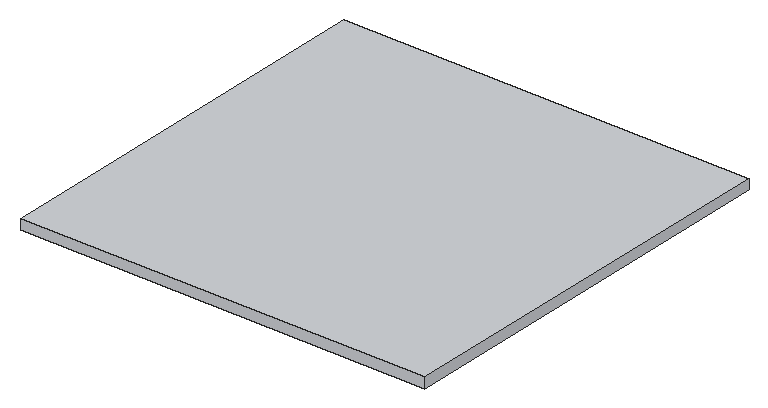
Revit family "8655000", category Aparatos sanitarios, Revit 2017
Family settings
  Anfitrión = Cara
  Cota de conector redondo = Diámetro de uso
  Tipo de pieza = Normal
  Número OmniClass = 23.45.55.14
  Título OmniClass = Single Faucets
  Corte con vacíos al cargar = No
  Compartido = No
  Punto de cálculo de habitación = No
Parameters (values of type "8655000")
  URL = "http://www.griferiasgalindo.com"
  Teléfono = "(+34) 915 782 575"
  TIPO DE AGUA = "Fria/Caliente"
  REFERENCIA = "8655000"
  Presión Máxima = "8 bar"
  PESO BRUTO = ""
  Modelo = "GRIFO DE LAVABO sin desagüe"
  Material = LATON CROMADO
  Imagen de tipo = <Ninguno>
  Fabricante = "PRESTO IBÉRICA"
  Default Elevation = 1219.2 mm
  ENTRADA = "Latiguillos de 3/8\""
  Descripción = "Monomando lavabo"
  Código de montaje = "C1030220"
  Contacto = "info@prestoiberica.com"
  Conexión AF = yes
  Conexión AC = yes
  Comentarios de tipo = "Cartucho sellado mezclador con discos cerámicos de Ø 35 mm.  Suministrado con latiguillos flexibles de 3/8\" y longitud de 45 cm."
  CIERRE = "Manual"
  CAUDAL = ""
  Accionamiento = "Mediante maneta"
Reference planes
  plane 1 "Centro (Frontal/Posterior)": y = 0
  plane 2: z = 0
  plane 3 "Centro (Izquierda/Derecha)": x = 0
Forms (mm)
  Extrusion 1, solid
    sketch origin (0, 0, 0) x (1, 0, 0) y (0, 1, 0)
      loop
        line (-100, 100) -> (-100, -100) -> (100, -100) -> (100, 100) -> (-100, 100)
    from 0 to -5
Dimensions and locks
  Extrusion 1 sketch curve to plane 1 "Centro (Frontal/Posterior)" = 100 mm
  aligned and locked: plane 2 to Extrusion 1
  aligned and locked: level to Extrusion 1
Connectors
  piping at (0, 0, -4), diameter 9.5
    settings: on import instance, index 1, connector inside diameter 609.6 mm, connector length 0 mm, flow factor 0, pipe flow 0.0 L/s, pressure drop 0.0 Pa, fitting loss kfactor 0, connector angle 0.00°, fixture units 0, engagement length 0 mm, angle of deflection 0.00°, flow configuration 0, flow direction 1, fitting loss method 0, system type 7, joint type 0, gender type 0, connector reference index -1, connector utility 0, adjustable connector no, is connector primary yes, connector description ""
